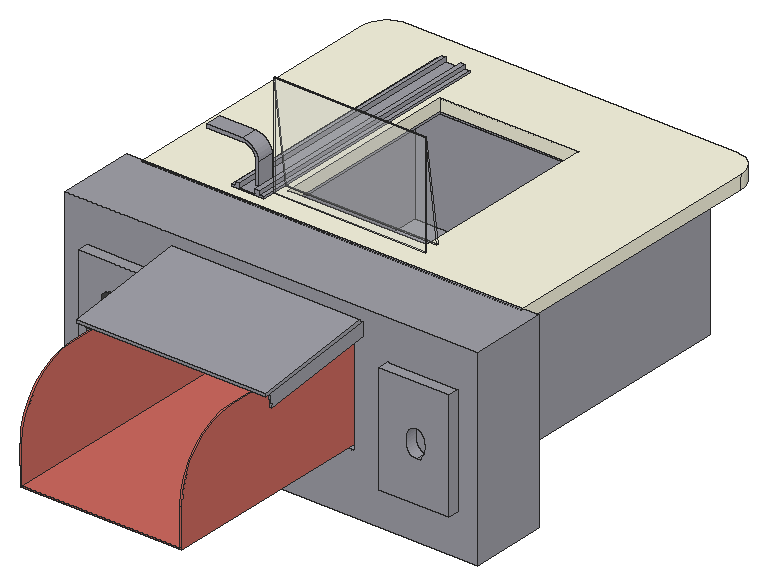
Revit family "Specialty_Equipment-Bavis_Fabacraft-Manual_Transaction_Drawer_Counter-BD2 NEW", category Specialty Equipment, host Wall, Revit 2020
Family settings
  Host = Wall
  Round Connector Dimension = Use Diameter
  Part Type = Normal
  OmniClass Number = 23.40.70.27.24.21
  OmniClass Title = Service and Teller Window Units
  Always vertical = Yes
  Cut with Voids When Loaded = Yes
  Shared = No
  Room Calculation Point = No
Parameters (values of type "BD2")
  Width = 2' - 8"  # constant formula
  Warranty URL = ""
  Wall Width Warning [instance] = if(Wall Width > 0' 6", "Wall Width Max 6\". Please Select Different Wall Width.", "Wall Width Compatible")  # "Wall Width Compatible"
  Wall Width [instance] = 0' - 6"
  Voltage = 120 V  # constant formula
  Video Link = "https://www.youtube.com/watch?v=4XuO8WkjTBw"
  Version = "2020 - v1.0a"  # constant formula
  URL = "https://www.bavis.com/"
  Teller Door Open [instance] = yes
  Teller Door Note [instance] = "For accurate vizualization of drawer opening please use project cut tool on counter then drawer to active the drawer opening void"  # constant formula
  Support Phone = "224-699-9545"  # constant formula
  Support Email = "mailto:support@bimsmith.com"
  Product Page URL = "https://www.bavis.com/transaction-drawers"
  Product Name = "Bavis Manual Transaction Drawer with Counter"  # constant formula
  Product Documentation Link = "https://docs.bavis.com/transaction-drawers/manual-transaction-drawers?start=12"
  Power Factor = 1
  Order Code [instance] = "BD2"  # constant formula
  Optional Audio Panel [instance] = 1 = 1  # yes
  Glazing = Plastic - Bavis Fabacraft - Clear
  Counter Top = Counter - Bavis Fabacraft - Almond
  C Offset [instance] = if(Optional Audio Panel, 0' 1 1/2", 0' 0")  # 0' - 1 1/2"
  Drawer Open [instance] = yes
  Number of Poles = 1
  Model = "See Order Code"  # constant formula
  Material = ""
  Manufacturer Phone Number = "(513) 677-0500"  # constant formula
  Manufacturer Email = "mailto:sales@bavis.com"
  Manufacturer Address = "201 Grandin Road, Maineville, OH 45039"  # constant formula
  Manufacturer = "Bavis Fabacraft"  # constant formula
  Load Classification = Power
  Length = 2' - 5 3/16"  # constant formula
  Keynote = "14 90 00"
  Instruction Sheet Link = "https://docs.bavis.com/transaction-drawers/manual-transaction-drawers?start=12"
  Height = 1' - 1 15/16"  # constant formula
  Hardware = Metal - Bavis Fabacraft - Aluminum - Dark Grey
  Elevation Height = 3' - 0"
  Drawer = Paint - Bavis Fabacraft - Red
  Description = "Manual Transaction Drawer with Counter"  # constant formula
  Copyright = "© 2022 Bavis Fabacraft, All Rights Reserved."  # constant formula
  Default Elevation = 0' - 0"
  C Void Start = 0' - 8 1/2"  # constant formula
  C Stroke = if(C Sign Constraint = 3, 1' 2 11/16", 1' 4 1/2")  # 1' - 4 1/2"
  C Start = 0' - 9 1/2"  # constant formula
  C Sign Constraint = 2  # constant formula
  C Rough Width = 1' - 4"  # constant formula
  C Rough Height = 0' - 10 3/4"  # constant formula
  C Middle = 1' - 3 3/4"  # constant formula
  C Inset = 0' - 0"  # constant formula
  C Handle Location [instance] = if(Teller Door Open, 1' 6 1/4", 0' 1 1/2")  # 1' - 6 1/4"
  C Drawer Inset [instance] = 0' - 0 59/256"  # constant formula
  C Teller Door Closed [instance] = not(Teller Door Open)  # no
  C Drawer = 0' - 0"  # constant formula
  C Door Width = if(C Sign Constraint = 2, 0' 11 3/4", 1' 0")  # 0' - 11 3/4"
  C Door Height = 0' - 9 3/8"  # constant formula
  C Counter Open Width = 1' - 3 3/4"  # constant formula
  C Counter Open Length = 0' - 11"  # constant formula
  C Control Box Height = 1' - 2 3/4"  # constant formula
  C Back = 0' - 3 7/16"  # constant formula
  C Angle [instance] = if(Teller Door Open, 135.00°, 45.00°)  # 135.00°
  Assembly Code = "E1010"
  Apparent Load = 0 VA
Reference planes (in)
  plane 1: y = 0
  plane 2 "Center (Left/Right)": x = 0
  plane 3 "Wall Edge": y = 3.05833
  plane 4: y = 26.24583
  plane 5: z = 22.0625
  plane 6: z = 36
  plane 7: z = 0
  plane 8 "C": z = 29.03125
  plane 9: z = 25.09375
  plane 10: z = 34.46875
  plane 11: y = -19.44167
  plane 12: y = 5.05833
  plane 13: y = 20.80833
  plane 14: y = 24.24583
  plane 15 "A": y = -4.44167
  plane 16: x = -16
  plane 17: x = 16
  plane 18: x = 5.875
  plane 19: x = -5.875
  plane 20: x = -7.875
  plane 21: x = 7.875
  plane 22 "D": z = 29.03125
  plane 23: z = 21.25
  plane 24: z = 36
  plane 25: x = 14.21875
  plane 26: x = -14.21875
  plane 27 "F": y = -2.94167
  plane 28: z = 35
  plane 29: x = -14.71875
  plane 30: x = 14.71875
  plane 31 "Handle": y = 5.99583
  plane 32 "I": y = 4.74583
Forms (in)
  Extrusion 1, void
    sketch origin (96, -155.27688, 0) x (0.866025, 0.5, 0) y (-0.5, 0.866025, 0)
      loop
        line (-7.23349, 211.47123) -> (-29.07724, 173.63674) -> (-1.36443, 157.63674) -> (20.47932, 195.47123) -> (-7.23349, 211.47123)
    from 21.25 to 36
  Sweep 2, solid, material "Metal - Bavis Fabacraft - Aluminum - Dark Grey" <- "Hardware"
    path origin (0, -4.44167, 0) x (-1, 0, 0) y (0, 0, 1)
      loop
        line (11.46875, 23.28125) -> (11.46875, 35) -> (-11.46875, 35) -> (-11.46875, 23.28125) -> (11.46875, 23.28125)
    profile origin (0, -4.44167, 23.28125) x (0, 0, -1) y (0, 1, 0)
      loop
        line (-5.73437, 29.75) -> (-5.73437, 29.625) -> (-0.125, 29.625) -> (-0.125, 7.0625) -> (-0.25, 7.0625) -> (-0.25, 6.9375) -> (0, 6.9375) -> (0, 29.75) -> (-5.73437, 29.75)
  Extrusion 3, solid, material "Metal - Bavis Fabacraft - Aluminum - Dark Grey" <- "Hardware"
    sketch origin (0, 0, 0) x (0, 1, 0) y (0, 0, 1)
      loop
        line (25.18333, 29.35482) -> (25.18333, 28.92643) -> (25.30833, 28.92643) -> (25.30833, 29.35482) -> (25.18333, 29.35482)
    from -5.73438 to 5.73437
  Extrusion 4, void
    sketch origin (96, -155.27688, -0.125) x (0.866025, 0.5, 0) y (-0.5, 0.866025, 0)
      loop
        line (-7.48397, 190.03738) -> (1.8258, 184.66238) -> (9.2008, 197.43625) -> (-0.10897, 202.81125) -> (-7.48397, 190.03738)
    from 25.21875 to 36.125
  Extrusion 5, solid, material "Metal - Bavis Fabacraft - Aluminum - Dark Grey" <- "Hardware"
    sketch origin (0.0625, -4.44167, 0) x (-1, 0, 0) y (0, 0, 1)
      loop
        line (14.30958, 32.94494) -> (9.43458, 32.94494) -> (9.43458, 24.44494) -> (14.30958, 24.44494) -> (14.30958, 32.94494)
      loop
        circle (11.80743, 30.4063) r 0.5
      loop
        line (12.77945, 27.24422) -> (11.84379, 28.17988) -> (10.92375, 27.25985) -> (11.85941, 26.32419) -> (12.77945, 27.24422)
      loop
        line (-14.40625, 32.94494) -> (-14.40625, 24.44494) -> (-9.03125, 24.44494) -> (-9.03125, 32.94494) -> (-14.40625, 32.94494)
      loop
        spline (-11.88498, 27.59885) -> (-11.69086, 27.63573) -> (-11.50998, 27.74385) -> (-11.35465, 27.91584) -> (-11.23546, 28.13999) -> (-11.16053, 28.40102) -> (-11.13498, 28.68113) -> (-11.16053, 28.96125) -> (-11.23546, 29.22228) -> (-11.35465, 29.44642) -> (-11.50998, 29.61842) -> (-11.69086, 29.72654) -> (-11.88498, 29.76342)
        spline (-11.88498, 29.76342) -> (-12.07909, 29.72654) -> (-12.25998, 29.61842) -> (-12.41531, 29.44642) -> (-12.5345, 29.22228) -> (-12.60942, 28.96125) -> (-12.63498, 28.68113) -> (-12.60942, 28.40102) -> (-12.5345, 28.13999) -> (-12.41531, 27.91584) -> (-12.25998, 27.74385) -> (-12.07909, 27.63573) -> (-11.88498, 27.59885)
    from 0.62691 to 1.84613
  Extrusion 6, solid, material "Plastic - Bavis Fabacraft - Black", visible <- "Optional Audio Panel"
    sketch origin (0, -4.44167, 0) x (-1, 0, 0) y (0, 0, 1)
      loop
        circle (11.74493, 30.4063) r 0.5
      loop
        circle (11.74407, 27.25985) r 0.25
    from 0.38724 to 1.5
  Extrusion 7, solid, material "Counter - Bavis Fabacraft - Almond" <- "Counter Top"
    sketch origin (96, -155.27688, 0) x (0.866025, 0.5, 0) y (-0.5, 0.866025, 0)
      loop
        line (-16.79984, 192.33932) -> (8.69378, 177.62057) -> (19.36973, 196.11185)
        arc (19.36973, 196.11185) -> (19.56953, 197.62949) -> (18.63768, 198.8439) r 2
        line (18.63768, 198.8439) -> (-3.39184, 211.56265)
        arc (-3.39184, 211.56265) -> (-4.90948, 211.76246) -> (-6.12389, 210.8306) r 2
        line (-6.12389, 210.8306) -> (-16.79984, 192.33932)
    from 35 to 36
  Extrusion 8, solid, material "Metal - Bavis Fabacraft - Aluminum - Dark Grey" <- "Hardware"
    sketch origin (96, -155.27688, 0) x (0.866025, 0.5, 0) y (-0.5, 0.866025, 0)
      loop
        line (-17.82724, 193.12232) -> (-20.82724, 187.92616) -> (6.88557, 171.92616) -> (9.88557, 177.12232) -> (-17.82724, 193.12232)
    from 36 to 21.25
  Extrusion 9, solid, material "Metal - Bavis Fabacraft - Aluminum - Dark Grey" <- "Hardware"
    sketch origin (0, 3.05833, 0) x (1, 0, 0) y (0, 0, 1)
      loop
        line (-6.38103, 36.426) -> (-6.70306, 36.426) -> (-6.70306, 36.1166) -> (-7.875, 36.1166) -> (-7.875, 36.426) -> (-8.19703, 36.426) -> (-8.19703, 36.1166) -> (-8.55719, 36.1166) -> (-8.55719, 36) -> (-6.02087, 36) -> (-6.02087, 36.1166) -> (-6.38103, 36.1166) -> (-6.38103, 36.426)
    from -20.79686 to -0.84969
  Extrusion 10, solid, material "Metal - Bavis Fabacraft - Aluminum - Dark Grey" <- "Hardware"
    sketch origin (0, 3.05833, 0) x (1, 0, 0) y (0, 0, 1)
      loop
        line (-7.08843, 36.1166) -> (-7.08843, 37.79904)
        arc (-7.08843, 37.79904) -> (-7.45087, 38.67404) -> (-8.32587, 39.03648) r 1.23744
        line (-8.32587, 39.03648) -> (-11.13938, 39.03648) -> (-11.13938, 38.78648) -> (-8.32587, 38.78648)
        arc (-8.32587, 38.78648) -> (-7.62765, 38.49727) -> (-7.33843, 37.79904) r 0.98744
        line (-7.33843, 37.79904) -> (-7.33843, 36.1166) -> (-7.08843, 36.1166)
    from -2.9375 to -1.6875
  Extrusion 11, solid, material "Plastic - Bavis Fabacraft - Clear" <- "Glazing", visible <- "C Teller Door Closed"
    sketch origin (96, -155.27688, 0.125) x (0.866025, 0.5, 0) y (-0.5, 0.866025, 0)
      loop
        line (9.99207, 197.55677) -> (-0.18373, 203.43177) -> (-4.23812, 196.40936) -> (5.93768, 190.53436) -> (9.99207, 197.55677)
    from 35.875 to 35.9916
  Extrusion 12, solid, material "Plastic - Bavis Fabacraft - Clear" <- "Glazing", visible <- "C Teller Door Closed"
    sketch origin (96, -163.38566, 0) x (0.866025, 0.5, 0) y (-0.5, 0.866025, 0)
      loop
        line (9.99207, 197.55677) -> (-0.18373, 203.43177) -> (-4.00434, 196.81428) -> (6.17146, 190.93928) -> (9.99207, 197.55677)
    from 36 to 36.1166
  Extrusion 13, solid, material "Plastic - Bavis Fabacraft - Clear" <- "Glazing", visible <- "Teller Door Open"
    sketch origin (96, -64.37458, 204.99487) x (0.866025, 0.069587, -0.495134) y (-0.5, 0.120527, -0.857597)
      loop
        line (10.48485, 198.41029) -> (0.30905, 204.28529) -> (-3.74534, 197.26288) -> (6.43046, 191.38788) -> (10.48485, 198.41029)
    from 46 to 46.1166
  Extrusion 14, solid, material "Plastic - Bavis Fabacraft - Clear" <- "Glazing", visible <- "Teller Door Open"
    sketch origin (96, 51.86244, -123.00649) x (0.866025, 0, 0.5) y (-0.5, 0, 0.866025)
      loop
        line (5.49207, 189.76254) -> (-4.68373, 195.63754) -> (-8.72309, 188.64116) -> (1.45271, 182.76616) -> (5.49207, 189.76254)
    from 47.03516 to 47.15176
  Extrusion 15, void
    sketch origin (0, -4.44167, 0) x (-1, 0, 0) y (0, 0, 1)
      loop
        line (6.5, 25.89786) -> (6.5, 34.34761) -> (-6.5, 34.34761) -> (-6.5, 25.89786) -> (6.5, 25.89786)
    from 0 to 9.5
Cuts and joins
  Extrusion 4 cuts Sweep 2
  Extrusion 15 cuts Extrusion 8
  joined: Sweep 2, Extrusion 3, Extrusion 5, Extrusion 8
  Extrusion 4 cuts Extrusion 7
Text (in)
  text "Placement Side" at (0, 40.15149, 123.01588), in view "Right"
  text "Placement Side" at (-70.3804, 28.46503, 0), in view "Ref. Level"
  text "Placement Side" at (0, 158.81142, 156.46546), in view "Left"
Dimensions and locks (in)
  plane 3 "Wall Edge" to host wall = 0' - 0"
  plane 24 to level = 3' - 0"
  "Height": plane 6 to plane 5
  equal spacing: plane 6, plane 8 "C", plane 5
  "C Door Height": plane 10 to plane 9
  host wall to plane 15 "A" = 0' - 1 1/2"
  "C Start": plane 12 to plane 15 "A"
  "C Middle": plane 13 to plane 12
  "C Back": plane 14 to plane 13
  equal spacing: plane 16, plane 2 "Center (Left/Right)", plane 17
  "Width": plane 16 to plane 17
  equal spacing: plane 19, plane 2 "Center (Left/Right)", plane 18
  "C Door Width": plane 19 to plane 18
  equal spacing: plane 20, plane 2 "Center (Left/Right)", plane 21
  "C Counter Open Width": plane 20 to plane 21
  Sweep 2 sketch curve to Sweep 2 sketch curve to plane 14 = 0' - 0 1/8" locked, 0' - 0 15/16" locked
  Sweep 2 sketch curve to Sweep 2 sketch curve to plane 15 "A" = 0' - 0 1/8" locked, 0' - 6 15/16" locked
  locked: plane 8 "C" to Sweep 2 sketch curve at 0.01562
  Extrusion 3 sketch curve to plane 8 "C" to Extrusion 3 sketch curve = 0' - 0.32357" locked, 0' - 0.10482" locked
  Extrusion 3 sketch curve to Extrusion 3 sketch curve to plane 14 = 0' - 0 1/8" locked, 0' - 0 15/16" locked
  "C Drawer": plane 22 "D" to plane 8 "C"
  equal spacing: plane 25, plane 2 "Center (Left/Right)", plane 26
  locked: plane 26 to plane 25 at 28.4375
  "C Offset": host wall to plane 15 "A"
  Extrusion 5 sketch curve to plane 26 to Extrusion 5 sketch curve to Extrusion 5 sketch curve to Extrusion 5 sketch curve to Extrusion 5 sketch curve to Extrusion 5 sketch curve to Extrusion 5 sketch curve = 0' - 0.02833" locked, 0' - 1.5018" locked, 0' - 0.92004" locked, 0' - 0 1/64" locked, 0' - 0.03636" locked, 0' - 0.88367" locked, 0' - 1.48917" locked
  Extrusion 5 sketch curve to Extrusion 5 sketch curve to plane 22 "D" to Extrusion 5 sketch curve to Extrusion 5 sketch curve to Extrusion 5 sketch curve to Extrusion 5 sketch curve to Extrusion 5 sketch curve = 0' - 2.53863" locked, 0' - 1.37505" locked, 0' - 0.85137" locked, 0' - 0.92004" locked, 0' - 0 1/64" locked, 0' - 0.92004" locked, 0' - 1.87925" locked
  Extrusion 5 sketch curve to plane 25 to Extrusion 5 sketch curve to Extrusion 5 sketch curve = 0' - 0 1/4" locked, 0' - 2.98094" locked, 0' - 2.14406"
  Extrusion 5 sketch curve to plane 22 "D" to Extrusion 5 sketch curve to Extrusion 5 sketch curve = 0' - 3.91369" locked, 0' - 0.35012" locked, 0' - 4.2362" locked
  "Wall Width": host wall to host wall
  plane 26 to Extrusion 6 sketch curve to Extrusion 6 sketch curve = 0' - 2.47382" locked, 0' - 0.00086" locked
  Extrusion 6 sketch curve to plane 22 "D" to Extrusion 6 sketch curve = 0' - 1.37505" locked, 0' - 1.7714" locked
  "C Stroke": plane 11 to plane 27 "F"
  "C Control Box Height": plane 23 to plane 24
  locked: plane 24 to plane 6
  locked: plane 28 to plane 24 at 1
  locked: plane 29 to plane 26 at 0.5
  locked: plane 25 to plane 30 at 0.5
  "Length": plane 4 to host wall
  locked: plane 17 to Sweep 2 sketch curve at 4.53125
  locked: Sweep 2 sketch curve to plane 16 at 4.53125
  plane 22 "D" to Sweep 2 sketch curve to Sweep 2 sketch curve to Sweep 2 sketch curve = 0' - 5 1/2", 0' - 0 1/8" locked, 0' - 0 1/8" locked
  "C Handle Location": plane 31 "Handle" to plane 14
  Extrusion 9 to plane 12 to Extrusion 9 = 1' - 6 51/64" locked, 0' - 1.15031" locked
  plane 14 to plane 13 = 0' - 3 7/16"
  locked: plane 32 "I" to plane 31 "Handle" at 1.25
  plane 2 "Center (Left/Right)" to Extrusion 10 sketch curve to Extrusion 10 sketch curve to Extrusion 10 sketch curve to Extrusion 10 sketch curve to Extrusion 10 sketch curve = 0' - 7.08843" locked, 0' - 0 1/4" locked, 0' - 0.98744" locked, 0' - 0" locked, 0' - 2.81351" locked
  plane 24 to Extrusion 10 sketch curve to Extrusion 10 sketch curve to Extrusion 10 sketch curve to Extrusion 10 sketch curve to Extrusion 10 sketch curve = 0' - 0.1166" locked, 0' - 1.68244" locked, 0' - 0" locked, 0' - 0.98744" locked, 0' - 0 1/4" locked
  Extrusion 12 to plane 12 = 0' - 7.64122"
  Extrusion 11 to Extrusion 12 = 0' - 8.10878"
  Extrusion 9 sketch curve to Extrusion 9 sketch curve to Extrusion 9 sketch curve to plane 20 to Extrusion 9 sketch curve to Extrusion 9 sketch curve to Extrusion 9 sketch curve = 0' - 0.36016" locked, 0' - 0.32203" locked, 0' - 1.17194" locked, 0' - 0" locked, 0' - 0.32203" locked, 0' - 0.36016" locked
  plane 24 to Extrusion 9 sketch curve to Extrusion 9 sketch curve to Extrusion 9 sketch curve to Extrusion 9 sketch curve to Extrusion 9 sketch curve to Extrusion 9 sketch curve = 0' - 0" locked, 0' - 0.1166" locked, 0' - 0" locked, 0' - 0" locked, 0' - 0.3094" locked, 0' - 0" locked
  plane 14 to Extrusion 7 sketch curve to Extrusion 7 sketch curve = 0' - 0" locked, 0' - 0" locked
  locked: plane 14 to Extrusion 7 sketch curve at 21.3519
  locked: plane 24 to Extrusion 14 sketch curve at 8.07872
  Extrusion 13 sketch curve to plane 24 to Extrusion 13 sketch curve = 0' - 6.35267" locked, 0' - 1.6772" locked
  locked: Extrusion 12 sketch curve to plane 12 at 7.64122
  Extrusion 4 sketch curve to plane 2 "Center (Left/Right)" to Extrusion 4 sketch curve = 0' - 5 1/2" locked, 0' - 5 1/4" locked
  locked: Extrusion 4 sketch curve to Extrusion 4 sketch curve at 14.75
  locked: plane 27 "F" to host wall
  plane 12 to Extrusion 8 sketch curve to Extrusion 8 sketch curve = 0' - 2" locked, 0' - 6" locked
  plane 24 to Extrusion 11 to Extrusion 12 = 0' - 0.1166" locked, 0' - 0" locked
  locked: plane 22 "D" to plane 9 at 3.9375
  Extrusion 15 sketch curve to plane 22 "D" to Extrusion 15 sketch curve = 0' - 5.31636" locked, 0' - 3.13339" locked
  Extrusion 15 sketch curve to plane 2 "Center (Left/Right)" to Extrusion 15 sketch curve = 0' - 6 1/2" locked, 0' - 6 1/2" locked
  locked: plane 22 "D" to Sweep 2 sketch curve at 5.75
  locked: Extrusion 13 to Extrusion 13 at 0.1166
  Extrusion 13 to Extrusion 13 to Extrusion 13 to plane 32 "I" to Extrusion 13 = 0' - 0.11547" locked, 0' - 1.01306" locked, 0' - 0.06235", 0' - 0.05311"
  Extrusion 14 to plane 32 "I" to Extrusion 14 = 0' - 0.08145" locked, 0' - 0 9/256" locked
  locked: plane 13 to Extrusion 4 sketch curve at 0.5
  "Elevation Height": level to plane 24
  plane 12 to Extrusion 13 sketch curve to Extrusion 13 sketch curve = 3' - 8.78942" locked, 0' - 1.12852" locked
  Extrusion 13 sketch curve to plane 2 "Center (Left/Right)" to Extrusion 13 sketch curve = 0' - 5 7/8" locked, 0' - 5 7/8" locked
  Extrusion 13 to plane 32 "I" to Extrusion 13 to Extrusion 13 to Extrusion 13 = 0' - 0.05311", 0' - 0.06235", 0' - 1.01306" locked, 0' - 0.11547" locked
  plane 24 to Extrusion 13 to Extrusion 13 to Extrusion 13 to Extrusion 13 = 0' - 0.0493" locked, 0' - 0.01623" locked, 0' - 8.01364" locked, 0' - 0.01623" locked
  aligned and locked: plane 17 to Extrusion 1 sketch curve
  aligned and locked: plane 16 to Extrusion 1 sketch curve
  aligned and locked: plane 6 to Extrusion 1
  aligned and locked: nested 1 to plane 2 "Center (Left/Right)"
  aligned and locked: Extrusion 4 to plane 9
  aligned and locked: plane 11 to Extrusion 1 sketch curve
  aligned and locked: Extrusion 1 sketch curve to plane 14
  aligned and locked: Sweep 2 sketch curve to plane 28
  aligned and locked: plane 30 to Extrusion 7 sketch curve
  aligned and locked: plane 29 to Extrusion 7 sketch curve
  aligned and locked: plane 6 to Extrusion 7
  aligned and locked: plane 28 to Extrusion 7
  aligned and locked: Extrusion 3 to Sweep 2  (x2)
  aligned and locked: plane 6 to Extrusion 4
  aligned and locked: plane 17 to Extrusion 8 sketch curve
  aligned and locked: plane 16 to Extrusion 8 sketch curve
  aligned and locked: plane 6 to Extrusion 8
  aligned and locked: host wall to nested 1
  aligned and locked: Extrusion 10 to plane 31 "Handle"
  aligned and locked: plane 32 "I" to Extrusion 10
  aligned and locked: plane 24 to Extrusion 11
  aligned and locked: plane 24 to Extrusion 12
  aligned and locked: plane 19 to Extrusion 14 sketch curve
  aligned and locked: plane 18 to Extrusion 14 sketch curve
  aligned and locked: Extrusion 14 sketch curve to plane 24
  aligned and locked: Extrusion 13 sketch curve to plane 18
  aligned and locked: Extrusion 13 sketch curve to plane 19
  aligned and locked: Extrusion 12 sketch curve to plane 19
  aligned and locked: Extrusion 12 sketch curve to Extrusion 11
  aligned and locked: Extrusion 12 sketch curve to plane 12
  aligned and locked: Extrusion 11 sketch curve to plane 19
  aligned and locked: Extrusion 11 sketch curve to plane 18
  aligned and locked: plane 13 to Extrusion 11 sketch curve
  aligned and locked: cut or joined group of Sweep 2, Extrusion 3, Extrusion 4, Extrusion 5, Extrusion 8, Extrusion 15 to plane 23
  aligned and locked: nested 1 to plane 10
  aligned and locked: Extrusion 6 to host wall
  aligned and locked: Extrusion 15 to plane 15 "A"
  aligned and locked: plane 12 to Extrusion 15
  aligned and locked: Extrusion 1 to cut or joined group of Sweep 2, Extrusion 3, Extrusion 4, Extrusion 5, Extrusion 8, Extrusion 15
Automatic sketch dimensions
  Extrusion 5 sketch curve to plane 25 = 0' - 2.27127"
  Extrusion 5 sketch curve to Extrusion 5 sketch curve = 0' - 1.08228"
  Extrusion 7 sketch curve to Extrusion 7 sketch curve = 0' - 1.73205"  (x2)
  Extrusion 7 sketch curve to Extrusion 7 sketch curve = 0' - 1"  (x2)
  Extrusion 13 sketch curve to Extrusion 13 sketch curve = 0' - 4.05439"
  Extrusion 7 sketch curve to plane 14 = 0' - 0"
  Extrusion 7 sketch curve to plane 4 = 0' - 0"
  Extrusion 11 sketch curve to Extrusion 11 sketch curve = 0' - 4.05439"
  radius of Extrusion 5 sketch curve = 0' - 0 1/2"
  radius of Extrusion 6 sketch curve = 0' - 0 1/2"
  radius of Extrusion 6 sketch curve = 0' - 0 1/4"
Nested families (in)
  nested 1: "Drawer" at (0, -2.69167, 30.46875) x (0, -1, 0) z (0, 0, 1), type "Drawer"
    with Open yes, C Stroke 1' - 4 1/2", C Angle 83.00°
Connectors (in)
  electrical at (-11.46875, 14.18333, 29.14063), driven by "Number of Poles", driven by "Load Classification", driven by "Voltage", driven by "Apparent Load", driven by "Power Factor"
    settings: on cut or joined group of Sweep 2, Extrusion 3, Extrusion 4, Extrusion 5, Extrusion 8, Extrusion 15, index 1, voltage 120 V, apparent load 0 VA, apparent load phase1 0 VA, apparent load phase2 0 VA, apparent load phase3 0 VA, power factor 1, load classification "Power", number of poles 1, system type 30, power factor state 1, is connector primary yes, connector utility no, sub classification motor no, connector description "Power Connector"
Definition of nested family "Drawer"
  Parameters (values of type "Drawer")
    Width = 1' - 2"  # constant formula
    Small = if(C Sign Constraint = 3, 1 = 1, 1 = 0)  # no
    Open = no
    Large = if(C Sign Constraint = 2, 1 = 1, 1 = 0)  # yes
    Height = 0' - 9 3/8"  # constant formula
    Hardware = none
    Finish = none
    Drawer = none
    Default Elevation = 4' - 0"
    C Stroke = if(and(Open, C Sign Constraint = 3), 1' 2 11/16", if(and(Open, C Sign Constraint = 2), 1' 4 1/2", 0' 0"))  # 0' - 0"
    C Sign Constraint = 2
    C Door Width = Width + 0' 1"  # 1' - 3"
    C Door Height = Height + 0' 0 1/2"  # 0' - 9 7/8"
    C Center = 0' - 3"  # constant formula
    C Angle = if(Open, 83.00°, 0.00°)  # 0.00°
  Reference planes (in)
    plane 1 "Center (Front/Back)": y = 0
    plane 2: z = 0
    plane 3 "Center (Left/Right)": x = 0
    plane 4: x = 0.25
    plane 5: z = 4.9375
    plane 6: z = -4.9375
    plane 7: z = 4
    plane 8: z = 1.9375
    plane 9: y = 6.25
    plane 10: y = -6.25
    plane 11: y = 6.125
    plane 12: y = -6.125
    plane 13: z = 4.65625
    plane 14: y = 7.3125
    plane 15: y = -7.3125
    plane 16: x = 0.25
  Forms (in)
    Extrusion 1, solid, material <- "Drawer"
      sketch origin (14.6875, 0, 0) x (1, 0, 0) y (0, 0, 1)
        loop
          line (-40.4375, 3.62886) -> (-40.4375, -4.32089) -> (-14.4375, -4.32089) -> (-14.4375, -1.32089)
          arc (-14.4375, -1.32089) -> (-15.88725, 2.17911) -> (-19.38725, 3.62886) r 4.94975
          line (-19.38725, 3.62886) -> (-40.4375, 3.62886)
      from -6.25 to -6.125
    Extrusion 2, solid, material <- "Drawer"
      sketch origin (14.6875, 0, 0) x (1, 0, 0) y (0, 0, 1)
        loop
          line (-40.4375, 3.62886) -> (-40.4375, -4.32089) -> (-14.4375, -4.32089) -> (-14.4375, -4.19589) -> (-40.3125, -4.19589) -> (-40.3125, 3.62886) -> (-40.4375, 3.62886)
      from 6.125 to -6.125
    Extrusion 3, solid, material <- "Drawer"
      sketch origin (14.6875, 0, 0) x (1, 0, 0) y (0, 0, -1)
        loop
          line (-40.4375, -3.62886) -> (-19.38725, -3.62886)
          arc (-19.38725, -3.62886) -> (-15.88725, -2.17911) -> (-14.4375, 1.32089) r 4.94975
          line (-14.4375, 1.32089) -> (-14.4375, 4.32089) -> (-40.4375, 4.32089) -> (-40.4375, -3.62886)
      from -6.25 to -6.125
  Cuts and joins
    joined: Extrusion 1, Extrusion 2, Extrusion 3
  Lines and regions (in)
    reference lines
      curve 1: line (0, 0, 4.65625) -> (0, 0, -2.09375)
      curve 2: line (0, 0, 4.65625) -> (-5, 0, 4.65625)
  Dimensions and locks (in)
    "C Stroke": plane 4 to plane 16
    "C Door Height": plane 5 to plane 6
    "C Center": plane 5 to plane 8
    equal spacing: plane 5, level, plane 6
    locked: plane 9 to plane 11 at 0.125
    locked: plane 10 to plane 12 at 0.125
    locked: plane 5 to plane 13 at 0.28125
    plane 4 to Extrusion 1 sketch curve to Extrusion 1 sketch curve to Extrusion 1 sketch curve = 0' - 0" locked, 0' - 4.94975" locked, 1' - 9.05025" locked
    Extrusion 1 sketch curve to Extrusion 1 sketch curve to Extrusion 1 sketch curve to plane 2 to Extrusion 1 sketch curve = 0' - 3" locked, 0' - 0" locked, 0' - 1.32089" locked, 0' - 3.62886" locked
    Extrusion 3 sketch curve to Extrusion 3 sketch curve to Extrusion 3 sketch curve to level to Extrusion 3 sketch curve = 0' - 3" locked, 0' - 0" locked, 0' - 1.32089" locked, 0' - 3.62886" locked
    plane 4 to Extrusion 3 sketch curve to Extrusion 3 sketch curve to Extrusion 3 sketch curve to Extrusion 3 sketch curve = 0' - 0" locked, 0' - 4.94975" locked, 0' - 0" locked, 1' - 9.05025" locked
    plane 4 to Extrusion 2 sketch curve to Extrusion 2 sketch curve to Extrusion 2 sketch curve = 0' - 0" locked, 2' - 1 7/8" locked, 0' - 0 1/8" locked
    Extrusion 2 sketch curve to Extrusion 2 sketch curve to level to Extrusion 2 sketch curve = 0' - 0 1/8" locked, 0' - 4.19589" locked, 0' - 3.62886" locked
    equal spacing: plane 15, plane 1 "Center (Front/Back)", plane 14
    locked: plane 15 to plane 14 at 14.625
    locked: plane 16 to plane 3 "Center (Left/Right)" at 0.25
    locked: curve 2 to curve 1 (angle 90.00°)
    "C Angle": angle plane 8 to curve 2
    aligned and locked: plane 2 to level
    aligned and locked: nested 1 to curve 1
    aligned and locked: plane 1 "Center (Front/Back)" to nested 1
    aligned and locked: plane 9 to Extrusion 1
    aligned and locked: plane 11 to Extrusion 2
    aligned and locked: Extrusion 1 to plane 11
    aligned and locked: Extrusion 2 to plane 12
    aligned and locked: Extrusion 3 to plane 10
    aligned and locked: plane 13 to curve 2
    aligned and locked: plane 3 "Center (Left/Right)" to curve 2
  Nested families (in)
    nested 1: "Customer Door" at (0, 0, 4.42755) x (0, 0, -1) z (1, 0, 0), type "Customer Door"
      with Width 1' - 3 5/8", Height 0' - 9", C Stroke 1' - 2 1/2", C Sign Constraint 2, C Door Width 1' - 4 5/8", C Door Height 0' - 9 1/2"
  Definition of nested family "Customer Door"
    Parameters (values of type "Customer Door")
      Width = if(C Sign Constraint = 1, 1' 2 1/2", if(C Sign Constraint = 2, 1' 3 5/8", if(C Sign Constraint = 3, 1' 3 5/8", 1' 2 1/2")))  # 1' - 2 1/2"
      Height = if(C Sign Constraint = 1, 0' 6 9/16", if(C Sign Constraint = 2, 0' 9", if(C Sign Constraint = 3, 0' 10 1/2", 0' 6 9/16")))  # 0' - 6 9/16"
      Hardware = none
      Finish = none
      Drawer = none
      Default Elevation = 4' - 0"
      C Stroke = if(C Sign Constraint = 1, 0' 11 1/2", if(C Sign Constraint = 2, 1' 2 1/2", if(C Sign Constraint = 3, 1' 5 1/2", 0' 11 1/2")))  # 0' - 11 1/2"
      C Sign Constraint = 1
      C Door Width = Width + 0' 1"  # 1' - 3 1/2"
      C Door Height = Height + 0' 0 1/2"  # 0' - 7 1/16"
      C Center = if(C Sign Constraint = 3, 0' 4 1/2", 0' 3")  # 0' - 3"
    Reference planes (in)
      plane 1 "Center (Front/Back)": y = 0
      plane 2: z = 0
      plane 3 "Center (Left/Right)": x = 0
      plane 4: y = 7.3125
      plane 5: y = -7.3125
      plane 6: z = -0.99175
      plane 7: z = 0.25905
      plane 8: x = -0.42407
    Forms (in)
      Extrusion 1, solid, material <- "Finish"
        sketch origin (0, 0, 0) x (1, 0, 0) y (0, 0, 1)
          loop
            line (9.71669, 0.45086) -> (0.46669, 0.45086) -> (0.46669, 0.25905) -> (9.71669, 0.25905) -> (9.71669, 0.45086)
        from -7.3125 to 7.3125
      Extrusion 2, solid, material <- "Finish"
        sketch origin (6.1585, 0, 0) x (0, 1, 0) y (0, 0, 1)
          loop
            line (7.15063, -0.99175) -> (7.15063, 0.25905) -> (6.40063, 0.25905) -> (6.40063, 0.13405) -> (7.02563, 0.13405) -> (7.02563, -0.99175) -> (7.15063, -0.99175)
          loop
            line (-7.15063, -0.99175) -> (-7.02563, -0.99175) -> (-7.02563, 0.13405) -> (-6.40063, 0.13405) -> (-6.40063, 0.25905) -> (-7.15063, 0.25905) -> (-7.15063, -0.99175)
        from -5.55643 to 2.93737
      Extrusion 3, solid, material <- "Finish"
        sketch origin (6.1585, 0, -0.25905) x (0, 1, 0) y (0, 0, 1)
          loop
            line (7.15063, -0.7327) -> (7.15063, 0.25905) -> (6.40063, 0.25905) -> (6.40063, 0.13405) -> (7.02563, 0.13405) -> (7.02563, -0.7327) -> (7.15063, -0.7327)
          loop
            line (-7.15063, -0.7327) -> (-7.02563, -0.7327) -> (-7.02563, 0.13405) -> (-6.40063, 0.13405) -> (-6.40063, 0.25905) -> (-7.15063, 0.25905) -> (-7.15063, -0.7327)
        from -6.58257 to -5.55643
    Cuts and joins
      joined: Extrusion 1, Extrusion 2, Extrusion 3
    Dimensions and locks (in)
      equal spacing: plane 5, plane 1 "Center (Front/Back)", plane 4
      locked: cut or joined group of Extrusion 1, Extrusion 2, Extrusion 3 to plane 3 "Center (Left/Right)" at 0.46669
      aligned and locked: plane 2 to level
      aligned and locked: Extrusion 3 to plane 8
    Automatic sketch dimensions
      Extrusion 1 sketch curve to plane 7 = 0' - 0"
      Extrusion 1 sketch curve to plane 7 = 0' - 0.19182"
      plane 3 "Center (Left/Right)" to Extrusion 1 sketch curve = 0' - 0.46669"
      Extrusion 1 sketch curve to Extrusion 1 sketch curve = 0' - 9 1/4"
      plane 6 to Extrusion 2 sketch curve = 0' - 0"  (x2)
      plane 7 to Extrusion 2 sketch curve = 0' - 0"  (x2)
      Extrusion 2 sketch curve to plane 5 = 0' - 0.16187"
      Extrusion 2 sketch curve to Extrusion 2 sketch curve = 0' - 0 1/8"  (x3)
      plane 7 to Extrusion 2 sketch curve = 0' - 0 1/8"
      Extrusion 2 sketch curve to Extrusion 2 sketch curve = 0' - 0 5/8"
      Extrusion 2 sketch curve to plane 4 = 0' - 0.91187"
      Extrusion 2 sketch curve to plane 4 = 0' - 0.28687"
      Extrusion 3 sketch curve to level = 0' - 0"  (x2)
      Extrusion 3 sketch curve to plane 5 = 0' - 0.16187"
      Extrusion 3 sketch curve to Extrusion 3 sketch curve = 0' - 0 1/8"  (x2)
      Extrusion 3 sketch curve to level = 0' - 0 1/8"  (x2)
      Extrusion 3 sketch curve to Extrusion 3 sketch curve = 0' - 0 5/8"
      Extrusion 3 sketch curve to plane 4 = 0' - 0.91187"
      Extrusion 3 sketch curve to plane 4 = 0' - 0.28687"
      plane 6 to Extrusion 3 sketch curve = 0' - 0"  (x2)
